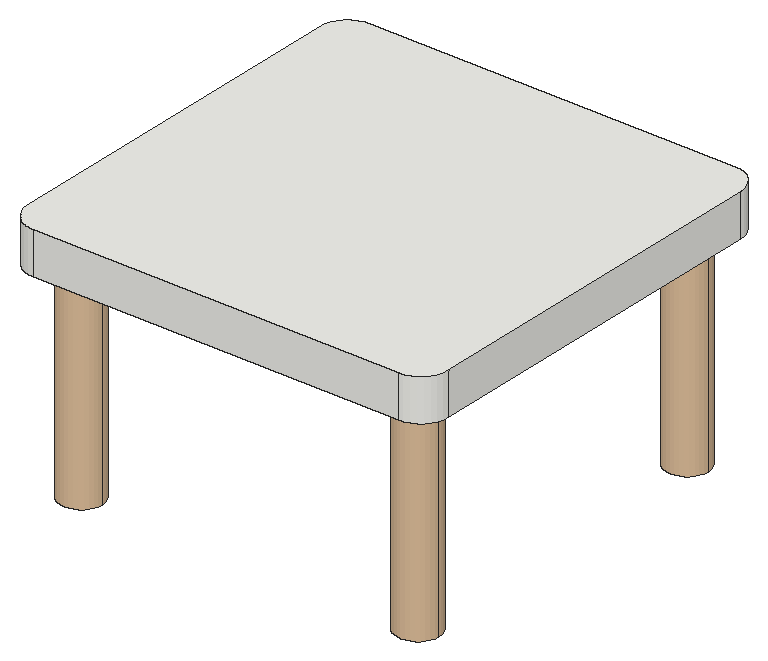
Revit family "rac_basic_sample_family", category Furniture, Revit 2021
Family settings
  OmniClass Number = 23.40.20.14.17
  OmniClass Title = Residential Tables and Cabinets
  Work Plane-Based = No
  Always vertical = Yes
  Cut with Voids When Loaded = No
  Shared = Yes
  Room Calculation Point = No
Parameters (values of type "0762 x 0762mm")
  Default Elevation = 0.00 mm
  Base Material = Wood - Birch
  Height = 457.00 mm
  Length = 762.00 mm
  Top Material = Laminate - Ivory, Matte
  Width = 762.00 mm
Types (4, lengths in mm): name | Height | Length | Width
  (no name) | 457.00 | 762.00 | 762.00
  0610 x 0160mm | 762.00 | 610.00 | 610.00
  0762 x 0762mm | 457.00 | 762.00 | 762.00
  0610 x 0915mm | 762.00 | 610.00 | 915.00
Reference planes
  plane 1: y = 152.4
  plane 2: z = 0
  plane 3 "Left": x = 3.734
  plane 4 "Right": x = 765.734
  plane 5 "Back": y = 533.4
  plane 6 "Front": y = -228.6
  plane 7: x = 384.734
Forms (mm)
  Extrusion 1, solid, material "Laminate - Ivory, Matte" <- "Top Material"
    sketch origin (0, 0, 0) x (1, 0, 0) y (0, 1, 0)
      loop
        line (54.534, -228.6) -> (714.934, -228.6)
        arc (714.934, -228.6) -> (750.855, -213.721) -> (765.734, -177.8) r 50.8
        line (765.734, -177.8) -> (765.734, 482.6)
        arc (765.734, 482.6) -> (750.855, 518.521) -> (714.934, 533.4) r 50.8
        line (714.934, 533.4) -> (54.534, 533.4)
        arc (54.534, 533.4) -> (18.613, 518.521) -> (3.734, 482.6) r 50.8
        line (3.734, 482.6) -> (3.734, -177.8)
        arc (3.734, -177.8) -> (18.613, -213.721) -> (54.534, -228.6) r 50.8
    from 380.8 to 457
  Extrusion 2, solid, material "Wood - Birch" <- "Base Material"
    sketch origin (0, 0, 0) x (1, 0, 0) y (0, 1, 0)
      loop
        circle (79.934, 457.2) r 38.1
      loop
        circle (79.934, -152.4) r 38.1
      loop
        circle (689.534, -152.4) r 38.1
      loop
        circle (689.534, 457.2) r 38.1
    from 0 to 380.8
Lines and regions (mm)
  Masking region 1
    outline origin (0, 0, 0) x (1, 0, 0) y (0, 1, 0)
      loop
        arc (54.534, 533.4) -> (18.613, 518.521) -> (3.734, 482.6) r 50.8
        line (3.734, 482.6) -> (3.734, -177.8)
        arc (3.734, -177.8) -> (18.613, -213.721) -> (54.534, -228.6) r 50.8
        line (54.534, -228.6) -> (714.934, -228.6)
        arc (714.934, -228.6) -> (750.855, -213.721) -> (765.734, -177.8) r 50.8
        line (765.734, -177.8) -> (765.734, 482.6)
        arc (765.734, 482.6) -> (750.855, 518.521) -> (714.934, 533.4) r 50.8
        line (714.934, 533.4) -> (54.534, 533.4)
Dimensions and locks
  locked: Extrusion 1 to Extrusion 1 at 76.2
  "Height": Extrusion 1 to plane 2
  locked: Extrusion 1 to Extrusion 2 sketch curve at 76.2  (x8)
  "Width": plane 5 "Back" to plane 6 "Front"
  "Length": plane 3 "Left" to plane 4 "Right"
  equal spacing: plane 5 "Back", plane 1, plane 6 "Front"
  equal spacing: plane 3 "Left", plane 7, plane 4 "Right"
  radius of Extrusion 1 sketch curve = 50.80 mm  (x4)
  aligned and locked: plane 2 to level
  aligned and locked: plane 6 "Front" to Extrusion 1 sketch curve
  aligned and locked: Extrusion 2 to Extrusion 1
  aligned and locked: Masking region 1 sketch curve to plane 5 "Back"
  aligned and locked: plane 3 "Left" to Masking region 1 sketch curve
  aligned and locked: plane 4 "Right" to Masking region 1 sketch curve
  aligned and locked: Masking region 1 sketch curve to plane 6 "Front"
  aligned: Masking region 1 sketch curve to Extrusion 1
Automatic sketch dimensions
  Extrusion 2 sketch curve to Extrusion 2 sketch curve = 38.10 mm  (x4)
  Extrusion 1 sketch curve to plane 3 "Left" = 0.00 mm
  Extrusion 1 sketch curve to plane 4 "Right" = 0.00 mm
  Extrusion 1 sketch curve to plane 5 "Back" = 0.00 mm
  plane 3 "Left" to Masking region 1 sketch curve = 50.80 mm  (x2)
  plane 4 "Right" to Masking region 1 sketch curve = 50.80 mm  (x2)
